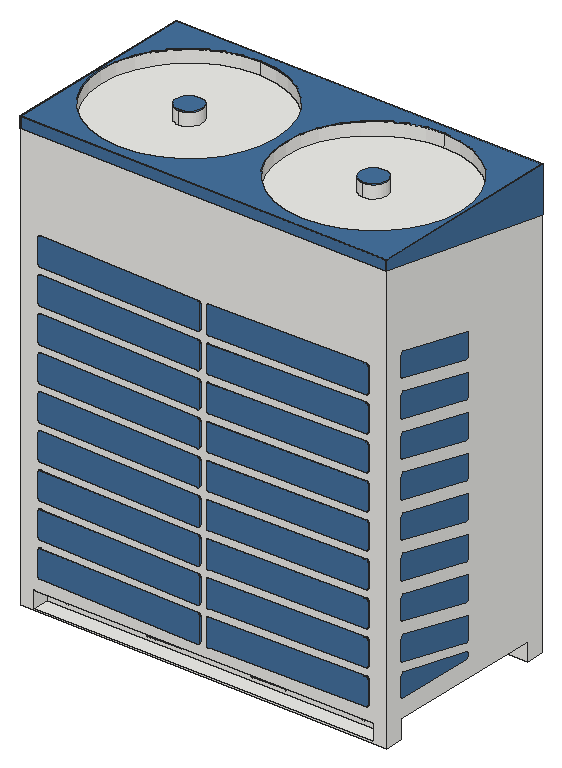
Revit family "bimlib_narujnyeblokisistemakondicionirovaniya_mrv-5-rc_16-22hp_haier", category Оборудование, Revit 2020 (continued)
Nested families
  nested 30: "BIMLIB_Параллелограмм_решётка_DB" at (704.944, -143.827, 697.9) x (0, 1, 0) z (1, 0, 0), type "BIMLIB_Параллелограмм_решётка_DB", detail levels fine
    with Превышение 64.948 mm, ADSK_Размер_Длина 322.347 mm, ADSK_Размер_Глубина 1.00 mm, ADSK_Размер_Высота 135.80 mm
  nested 31: "BIMLIB_Параллелограмм_решётка_DB" at (704.944, -143.827, 837.9) x (0, 1, 0) z (1, 0, 0), type "BIMLIB_Параллелограмм_решётка_DB", detail levels fine
    with Превышение 64.948 mm, ADSK_Размер_Длина 322.347 mm, ADSK_Размер_Глубина 1.00 mm, ADSK_Размер_Высота 135.80 mm
  nested 32: "BIMLIB_Параллелограмм_решётка_DB" at (704.944, -143.827, 977.9) x (0, 1, 0) z (1, 0, 0), type "BIMLIB_Параллелограмм_решётка_DB", detail levels fine
    with Превышение 64.948 mm, ADSK_Размер_Длина 322.347 mm, ADSK_Размер_Глубина 1.00 mm, ADSK_Размер_Высота 135.80 mm
  nested 33: "BIMLIB_Параллелограмм_решётка_DB" at (704.944, -143.827, 1117.9) x (0, 1, 0) z (1, 0, 0), type "BIMLIB_Параллелограмм_решётка_DB", detail levels fine
    with Превышение 64.948 mm, ADSK_Размер_Длина 322.347 mm, ADSK_Размер_Глубина 1.00 mm, ADSK_Размер_Высота 135.80 mm
  nested 34: "BIMLIB_Параллелограмм_решётка_DB" at (704.944, -143.827, 1257.9) x (0, 1, 0) z (1, 0, 0), type "BIMLIB_Параллелограмм_решётка_DB", detail levels fine
    with Превышение 64.948 mm, ADSK_Размер_Длина 322.347 mm, ADSK_Размер_Глубина 1.00 mm, ADSK_Размер_Высота 135.80 mm
  nested 35: "BIMLIB_Треугольник_решётка_DB" at (-392.933, 375, 175) x (1, 0, 0) z (0, 1, 0), type "BIMLIB_Треугольник_решётка_DB", detail levels fine
    with Превышение 30.00 mm, ADSK_Размер_Длина 400.00 mm, ADSK_Размер_Глубина 1.00 mm, ADSK_Размер_Высота 70.00 mm
  nested 36: "BIMLIB_Треугольник_решётка_DB" at (705, -149.86, 177.5) x (0, -1, 0) z (1, 0, 0), type "BIMLIB_Треугольник_решётка_DB", detail levels fine
    with Превышение 30.00 mm, ADSK_Размер_Длина 310.28 mm, ADSK_Размер_Глубина 1.00 mm, ADSK_Размер_Высота 75.00 mm
  nested 37: "BIMLIB_Параллелограмм_решётка_DB" at (324.463, -375, 165) x (-1, 0, 0) z (0, -1, 0), type "BIMLIB_Параллелограмм_решётка_DB", detail levels fine
    with Превышение 5.00 mm, ADSK_Размер_Длина 625.00 mm, ADSK_Размер_Глубина 1.00 mm, ADSK_Размер_Высота 90.00 mm
  nested 38: "BIMLIB_Параллелограмм_решётка_DB" at (324.463, -375, 300) x (-1, 0, 0) z (0, -1, 0), type "BIMLIB_Параллелограмм_решётка_DB", detail levels fine
    with Превышение 5.00 mm, ADSK_Размер_Длина 625.00 mm, ADSK_Размер_Глубина 1.00 mm, ADSK_Размер_Высота 90.00 mm
  nested 39: "BIMLIB_Параллелограмм_решётка_DB" at (324.463, -375, 435) x (-1, 0, 0) z (0, -1, 0), type "BIMLIB_Параллелограмм_решётка_DB", detail levels fine
    with Превышение 5.00 mm, ADSK_Размер_Длина 625.00 mm, ADSK_Размер_Глубина 1.00 mm, ADSK_Размер_Высота 90.00 mm
  nested 40: "BIMLIB_Параллелограмм_решётка_DB" at (324.463, -375, 570) x (-1, 0, 0) z (0, -1, 0), type "BIMLIB_Параллелограмм_решётка_DB", detail levels fine
    with Превышение 5.00 mm, ADSK_Размер_Длина 625.00 mm, ADSK_Размер_Глубина 1.00 mm, ADSK_Размер_Высота 90.00 mm
  nested 41: "BIMLIB_Параллелограмм_решётка_DB" at (324.463, -375, 705) x (-1, 0, 0) z (0, -1, 0), type "BIMLIB_Параллелограмм_решётка_DB", detail levels fine
    with Превышение 5.00 mm, ADSK_Размер_Длина 625.00 mm, ADSK_Размер_Глубина 1.00 mm, ADSK_Размер_Высота 90.00 mm
  nested 42: "BIMLIB_Параллелограмм_решётка_DB" at (324.463, -375, 840) x (-1, 0, 0) z (0, -1, 0), type "BIMLIB_Параллелограмм_решётка_DB", detail levels fine
    with Превышение 5.00 mm, ADSK_Размер_Длина 625.00 mm, ADSK_Размер_Глубина 1.00 mm, ADSK_Размер_Высота 90.00 mm
  nested 43: "BIMLIB_Параллелограмм_решётка_DB" at (324.463, -375, 975) x (-1, 0, 0) z (0, -1, 0), type "BIMLIB_Параллелограмм_решётка_DB", detail levels fine
    with Превышение 5.00 mm, ADSK_Размер_Длина 625.00 mm, ADSK_Размер_Глубина 1.00 mm, ADSK_Размер_Высота 90.00 mm
  nested 44: "BIMLIB_Параллелограмм_решётка_DB" at (324.463, -375, 1110) x (-1, 0, 0) z (0, -1, 0), type "BIMLIB_Параллелограмм_решётка_DB", detail levels fine
    with Превышение 5.00 mm, ADSK_Размер_Длина 625.00 mm, ADSK_Размер_Глубина 1.00 mm, ADSK_Размер_Высота 90.00 mm
  nested 45: "BIMLIB_Параллелограмм_решётка_DB" at (324.463, -375, 1245) x (-1, 0, 0) z (0, -1, 0), type "BIMLIB_Параллелограмм_решётка_DB", detail levels fine
    with Превышение 5.00 mm, ADSK_Размер_Длина 625.00 mm, ADSK_Размер_Глубина 1.00 mm, ADSK_Размер_Высота 90.00 mm
  nested 46: "BIMLIB_ЗонаОбслуживания_DB" at (0, 0, 0) x (-1, 0, 0) z (0, 0, 1), visible <- "Видимость_Зона обслуживания", type "BIMLIB_ЗонаОбслуживания_DB"
    with Зона обслуживания_Справа 300.00 mm, Зона обслуживания_Спереди 1000.00 mm, Зона обслуживания_Слева 300.00 mm, Зона обслуживания_Сзади 300.00 mm, Зона обслуживания_Сверху 2000.00 mm, ADSK_Размер_Ширина 1410.00 mm
  nested 47: "BIMLIB_АннотацияУГО_DB" at (0, 0, 0), type "BIMLIB_АннотацияУГО_DB"
  nested 48: "BIMLIB_Параллелограмм_решётка_DB" at (-324.463, -375, 165) x (1, 0, 0) z (0, -1, 0), type "BIMLIB_Параллелограмм_решётка_DB", detail levels fine
    with Превышение 5.00 mm, ADSK_Размер_Длина 625.00 mm, ADSK_Размер_Глубина 1.00 mm, ADSK_Размер_Высота 90.00 mm
  nested 49: "BIMLIB_Параллелограмм_решётка_DB" at (-324.463, -375, 300) x (1, 0, 0) z (0, -1, 0), type "BIMLIB_Параллелограмм_решётка_DB", detail levels fine
    with Превышение 5.00 mm, ADSK_Размер_Длина 625.00 mm, ADSK_Размер_Глубина 1.00 mm, ADSK_Размер_Высота 90.00 mm
  nested 50: "BIMLIB_Параллелограмм_решётка_DB" at (-324.463, -375, 435) x (1, 0, 0) z (0, -1, 0), type "BIMLIB_Параллелограмм_решётка_DB", detail levels fine
    with Превышение 5.00 mm, ADSK_Размер_Длина 625.00 mm, ADSK_Размер_Глубина 1.00 mm, ADSK_Размер_Высота 90.00 mm
  nested 51: "BIMLIB_Параллелограмм_решётка_DB" at (-324.463, -375, 570) x (1, 0, 0) z (0, -1, 0), type "BIMLIB_Параллелограмм_решётка_DB", detail levels fine
    with Превышение 5.00 mm, ADSK_Размер_Длина 625.00 mm, ADSK_Размер_Глубина 1.00 mm, ADSK_Размер_Высота 90.00 mm
  nested 52: "BIMLIB_Параллелограмм_решётка_DB" at (-324.463, -375, 705) x (1, 0, 0) z (0, -1, 0), type "BIMLIB_Параллелограмм_решётка_DB", detail levels fine
    with Превышение 5.00 mm, ADSK_Размер_Длина 625.00 mm, ADSK_Размер_Глубина 1.00 mm, ADSK_Размер_Высота 90.00 mm
  nested 53: "BIMLIB_Параллелограмм_решётка_DB" at (-324.463, -375, 840) x (1, 0, 0) z (0, -1, 0), type "BIMLIB_Параллелограмм_решётка_DB", detail levels fine
    with Превышение 5.00 mm, ADSK_Размер_Длина 625.00 mm, ADSK_Размер_Глубина 1.00 mm, ADSK_Размер_Высота 90.00 mm
  nested 54: "BIMLIB_Параллелограмм_решётка_DB" at (-324.463, -375, 975) x (1, 0, 0) z (0, -1, 0), type "BIMLIB_Параллелограмм_решётка_DB", detail levels fine
    with Превышение 5.00 mm, ADSK_Размер_Длина 625.00 mm, ADSK_Размер_Глубина 1.00 mm, ADSK_Размер_Высота 90.00 mm
  nested 55: "BIMLIB_Параллелограмм_решётка_DB" at (-324.463, -375, 1110) x (1, 0, 0) z (0, -1, 0), type "BIMLIB_Параллелограмм_решётка_DB", detail levels fine
    with Превышение 5.00 mm, ADSK_Размер_Длина 625.00 mm, ADSK_Размер_Глубина 1.00 mm, ADSK_Размер_Высота 90.00 mm
  nested 56: "BIMLIB_Параллелограмм_решётка_DB" at (-324.463, -375, 1245) x (1, 0, 0) z (0, -1, 0), type "BIMLIB_Параллелограмм_решётка_DB", detail levels fine
    with Превышение 5.00 mm, ADSK_Размер_Длина 625.00 mm, ADSK_Размер_Глубина 1.00 mm, ADSK_Размер_Высота 90.00 mm
Connectors
  hvac at (0, 0, 1689), driven by "ADSK_Размер_Глубина", driven by "ADSK_Размер_Ширина"
    settings: on cut or joined group of Extrusion 1, Extrusion 6, Extrusion 8, Extrusion 9, Extrusion 10, Extrusion 11, index 1, duct flow 0.0 m³/h, flow factor 0, pres drop 0.0 Pa, loss coef 0, conn angle 0.00°, conn width 1410 mm, conn height 750 mm, conn diameter 609.6 mm, duct sys type 3, conn prof type 1, flow config 0, flow direction 2, loss method 0, conn ref index -1, conn util no, is conn primary yes, conn desc "Отработанный воздух"
  electrical at (0, 0, 70), driven by "ADSK_Количество фаз", driven by "ADSK_Напряжение", driven by "ADSK_Коэффициент мощности", driven by "ADSK_Классификация нагрузок", driven by "ADSK_Полная мощность"
    settings: on cut or joined group of Extrusion 1, Extrusion 6, Extrusion 8, Extrusion 9, Extrusion 10, Extrusion 11, index 4, voltage 400 V, apparent load 19570 VA, apparent load phase1 0 VA, apparent load phase2 0 VA, apparent load phase3 0 VA, power factor 1, load classification "ОВК", number of poles 3, system type 30, power factor state 1, is connector primary yes, connector utility no, sub classification motor no, connector description "Электрический соеденитель"
  piping at (546.539, 376, 120), diameter 28.58, driven by "Диаметр_Газ", driven by "ADSK_Расход жидкости"
    settings: on Extrusion 12, index 5, connector inside diameter 609.6 mm, connector length 0.00 mm, flow factor 0, pipe flow 0.0 L/s, pressure drop 0.0 Pa, fitting loss kfactor 0, connector angle 0.00°, fixture units 0, engagement length 0.00 mm, angle of deflection 0.00°, flow configuration 0, flow direction 1, fitting loss method 0, system type 8, joint type 0, gender type 0, connector reference index 6, connector utility 0, adjustable connector no, is connector primary yes, connector description "Линия газа"
  piping at (496.539, 376, 120), diameter 15.88, driven by "Диаметр_Жидкость", driven by "ADSK_Расход жидкости"
    settings: on Extrusion 13, index 6, connector inside diameter 609.6 mm, connector length 0.00 mm, flow factor 0, pipe flow 0.0 L/s, pressure drop 0.0 Pa, fitting loss kfactor 0, connector angle 0.00°, fixture units 0, engagement length 0.00 mm, angle of deflection 0.00°, flow configuration 0, flow direction 2, fitting loss method 0, system type 7, joint type 0, gender type 0, connector reference index 5, connector utility 0, adjustable connector no, is connector primary no, connector description "Линия жидкости"
  piping at (446.539, 376, 120), diameter 25.4, driven by "Диаметр_Газовой линии нагнетания"
    settings: on Extrusion 14, index 7, connector inside diameter 609.6 mm, connector length 0.00 mm, flow factor 0, pipe flow 0.0 L/s, pressure drop 0.0 Pa, fitting loss kfactor 0, connector angle 0.00°, fixture units 0, engagement length 0.00 mm, angle of deflection 0.00°, flow configuration 0, flow direction 1, fitting loss method 0, system type 29, joint type 0, gender type 0, connector reference index -1, connector utility 0, adjustable connector no, is connector primary no, connector description "Линия нагнетания газа"
Definition of nested family "BIMLIB_Параллелограмм_решётка_DB"
  Parameters (values of type "BIMLIB_Параллелограмм_решётка_Haier")
    Превышение [instance] = 30.00 mm
    Default Elevation = 1219.20 mm
    Материал решёток = none
    ADSK_Размер_Длина [instance] = 460.00 mm
    ADSK_Размер_Глубина [instance] = 1.00 mm
    ADSK_Размер_Высота [instance] = 260.00 mm
  Reference planes
    plane 1 "По центру (Вперед/Назад)": y = 0
    plane 2: z = 0
    plane 3 "По центру (Влево/Вправо)": x = 0
    plane 4: x = -230
    plane 5: x = 230
    plane 6: y = 100
    plane 7: y = -100
    plane 8: y = 130
    plane 9: y = -130
  Forms (mm)
    Extrusion 1, solid, material <- "Материал решёток"
      sketch origin (0, 0, 0) x (1, 0, 0) y (0, 1, 0)
        loop
          arc (-230, -133.517) -> (-226.608, -141.022) -> (-218.734, -143.436) r 10
          line (-218.734, -143.436) -> (223.005, -108.536)
          arc (223.005, -108.536) -> (228.028, -105.518) -> (230, -100) r 8.705
          line (230, -100) -> (230, 133.517)
          arc (230, 133.517) -> (226.561, 141.064) -> (218.608, 143.419) r 10
          line (218.608, 143.419) -> (-223.005, 108.536)
          arc (-223.005, 108.536) -> (-228.028, 105.518) -> (-230, 100) r 8.705
          line (-230, 100) -> (-230, -133.517)
      from 0 to 1 <- "ADSK_Размер_Глубина"
  Lines and regions (mm)
    model lines, detail levels medium+fine
      curve 1: line (-230, 100, 0) -> (-230, -130, 0)
      curve 2: line (230, -100, 0) -> (230, 133.517, 0)
      curve 3: line (-223.005, 108.536, 0) -> (218.608, 143.419, 0)
      curve 4: arc (-230, 100, 0) -> (-228.028, 105.518, 0) -> (-223.005, 108.536, 0) r 8.705
      curve 5: arc (230, 133.517, 0) -> (226.561, 141.064, 0) -> (218.608, 143.419, 0) r 10
      curve 6: line (223.005, -108.536, 0) -> (-218.608, -143.419, 0)
      curve 7: arc (230, -100, 0) -> (228.028, -105.518, 0) -> (223.005, -108.536, 0) r 8.705
      curve 8: arc (-230, -133.517, 0) -> (-226.561, -141.064, 0) -> (-218.608, -143.419, 0) r 10
  Dimensions and locks
    "ADSK_Размер_Длина": plane 4 to plane 5
    equal spacing: plane 4, plane 3 "По центру (Влево/Вправо)", plane 5
    "ADSK_Размер_Высота": plane 8 to plane 9
    equal spacing: plane 8, plane 1 "По центру (Вперед/Назад)", plane 9
    equal spacing: plane 6, plane 1 "По центру (Вперед/Назад)", plane 7
    plane 6 to plane 7 = 200.00 mm
    "Превышение": plane 8 to plane 6
    aligned and locked: level to plane 2
    aligned and locked: plane 9 to curve 1
    aligned and locked: plane 7 to curve 2
    aligned and locked: plane 6 to curve 1
    aligned and locked: plane 5 to curve 2
    aligned and locked: Extrusion 1 to plane 4
  Automatic sketch dimensions
    curve 1 to plane 4 = 0.00 mm
    curve 8 to plane 4 = 0.00 mm
    plane 4 to curve 3 = 6.995 mm
    curve 4 to curve 4 = 8.705 mm
    curve 8 to plane 9 = 3.517 mm
    curve 8 to curve 8 = 10.00 mm
    curve 8 to curve 6 = 1.392 mm
    curve 3 to plane 5 = 11.392 mm
    plane 8 to curve 5 = 3.517 mm
    curve 5 to plane 5 = 10.00 mm
    curve 7 to plane 5 = 8.705 mm
    curve 6 to plane 5 = 6.995 mm
    Extrusion 1 sketch curve to plane 4 = 0.00 mm
    Extrusion 1 sketch curve to plane 6 = 0.00 mm
    Extrusion 1 sketch curve to plane 7 = 0.00 mm
    Extrusion 1 sketch curve to plane 5 = 0.00 mm
    Extrusion 1 sketch curve to Extrusion 1 sketch curve = 8.705 mm
    Extrusion 1 sketch curve to plane 9 = 3.517 mm
    Extrusion 1 sketch curve to Extrusion 1 sketch curve = 10.00 mm
    Extrusion 1 sketch curve to Extrusion 1 sketch curve = 1.266 mm
    Extrusion 1 sketch curve to plane 5 = 11.392 mm
    plane 8 to Extrusion 1 sketch curve = 3.517 mm
    Extrusion 1 sketch curve to plane 5 = 10.00 mm
    Extrusion 1 sketch curve to plane 5 = 8.705 mm
    Extrusion 1 sketch curve to plane 5 = 6.995 mm
    plane 4 to Extrusion 1 sketch curve = 6.995 mm
Definition of nested family "BIMLIB_Треугольник_решётка_DB"
  Parameters (values of type "BIMLIB_Треугольник_решётка_Haier")
    Превышение [instance] = 30.00 mm
    Default Elevation = 1219.20 mm
    Материал решёток = none
    ADSK_Размер_Длина [instance] = 460.00 mm
    ADSK_Размер_Глубина [instance] = 1.00 mm
    ADSK_Размер_Высота [instance] = 260.00 mm
  Reference planes
    plane 1 "По центру (Вперед/Назад)": y = 0
    plane 2: z = 0
    plane 3 "По центру (Влево/Вправо)": x = 0
    plane 4: x = -230
    plane 5: x = 230
    plane 6: y = -130
    plane 7: y = 130
  Forms (mm)
    Extrusion 1, solid, material <- "Материал решёток"
      sketch origin (0, 0, 0) x (1, 0, 0) y (0, 1, 0)
        loop
          line (218.608, 143.419) -> (-234.07, -106.222)
          arc (-234.07, -106.222) -> (-242.062, -119.827) -> (-230, -130) r 12.237
          line (-230, -130) -> (220, -130)
          arc (220, -130) -> (227.071, -127.071) -> (230, -120) r 10
          line (230, -120) -> (230, 133.517)
          arc (230, 133.517) -> (226.561, 141.064) -> (218.608, 143.419) r 10
      from 0 to 1 <- "ADSK_Размер_Глубина"
  Lines and regions (mm)
    model lines, detail levels medium+fine
      curve 1: line (230, -120, 0) -> (230, 133.517, 0)
      curve 2: line (-235.921, -107.053, 0) -> (218.608, 143.419, 0)
      curve 3: arc (230, 133.517, 0) -> (226.561, 141.064, 0) -> (218.608, 143.419, 0) r 10
      curve 4: line (226.102, -130, 0) -> (-230, -130, 0)
    model lines
      curve 5: arc (220, -130, 0) -> (227.071, -127.071, 0) -> (230, -120, 0) r 10
      curve 6: arc (-235.921, -107.053, 0) -> (-241.849, -120.82, 0) -> (-230, -130, 0) r 12.237
  Dimensions and locks
    "ADSK_Размер_Длина": plane 4 to plane 5
    equal spacing: plane 4, plane 3 "По центру (Влево/Вправо)", plane 5
    "ADSK_Размер_Высота": plane 7 to plane 6
    equal spacing: plane 7, plane 1 "По центру (Вперед/Назад)", plane 6
    aligned and locked: level to plane 2
    aligned and locked: plane 5 to curve 1
    aligned and locked: Extrusion 1 sketch curve to plane 6
    aligned and locked: plane 4 to Extrusion 1 sketch curve
    aligned and locked: plane 6 to curve 4
    aligned and locked: plane 4 to curve 4
  Automatic sketch dimensions
    Extrusion 1 sketch curve to plane 5 = 0.00 mm
    Extrusion 1 sketch curve to plane 5 = 11.392 mm
    Extrusion 1 sketch curve to plane 5 = 10.00 mm  (x2)
    plane 7 to Extrusion 1 sketch curve = 3.517 mm
    Extrusion 1 sketch curve to Extrusion 1 sketch curve = 12.237 mm
    Extrusion 1 sketch curve to plane 4 = 4.07 mm
    curve 2 to plane 4 = 5.921 mm
    curve 2 to plane 5 = 11.392 mm
    curve 5 to plane 5 = 10.00 mm
    plane 7 to curve 3 = 3.517 mm
    curve 3 to plane 5 = 10.00 mm
    curve 6 to curve 6 = 12.237 mm
    curve 4 to plane 5 = 3.898 mm
Definition of nested family "BIMLIB_ЗонаОбслуживания_DB"
  Parameters (values of type "BIMLIB_ЗонаОбслуживания_Haier")
    Default Elevation = 0.00 mm
    Зона обслуживания_Справа [instance] = 653.266 mm
    Зона обслуживания_Спереди [instance] = 481.574 mm
    Зона обслуживания_Слева [instance] = 454.692 mm
    Зона обслуживания_Сзади [instance] = 622.113 mm
    Зона обслуживания_Сверху [instance] = 760.748 mm
    ADSK_Размер_Ширина = 980.00 mm
    ADSK_Размер_Глубина = 750.00 mm
    ADSK_Размер_Высота = 1690.00 mm
  Reference planes
    plane 1 "По центру (Вперед/Назад)": y = 0
    plane 2: z = 0
    plane 3 "По центру (Влево/Вправо)": x = 0
    plane 4: y = 375
    plane 5: y = -375
    plane 6: x = 490
    plane 7: x = -490
    plane 8: x = -944.692
    plane 9: y = 997.113
    plane 10: x = 1143.266
    plane 11: y = -856.574
    plane 12: z = 1690
    plane 13: z = 2450.748
  Forms (mm)
    Extrusion 1, solid
      sketch origin (0, 0, 0) x (1, 0, 0) y (0, 1, 0)
        loop
          line (-490, 375) -> (-944.692, 375) -> (-944.692, -375) -> (-490, -375) -> (-490, 375)
      from 0 to 1690
    Extrusion 2, solid
      sketch origin (0, 0, 0) x (1, 0, 0) y (0, 1, 0)
        loop
          line (-490, -375) -> (-490, -856.574) -> (490, -856.574) -> (490, -375) -> (-490, -375)
      from 0 to 1690
    Extrusion 3, solid
      sketch origin (0, 0, 0) x (1, 0, 0) y (0, 1, 0)
        loop
          line (490, 375) -> (490, -375) -> (1143.266, -375) -> (1143.266, 375) -> (490, 375)
      from 0 to 1690
    Extrusion 4, solid
      sketch origin (0, 0, 0) x (1, 0, 0) y (0, 1, 0)
        loop
          line (-490, 997.113) -> (-490, 375) -> (490, 375) -> (490, 997.113) -> (-490, 997.113)
      from 0 to 1690
    Extrusion 5, solid
      sketch origin (0, 0, 0) x (1, 0, 0) y (0, 0, 1)
        loop
          line (-490, 2450.748) -> (-490, 1690) -> (490, 1690) -> (490, 2450.748) -> (-490, 2450.748)
      from -375 to 375
  Dimensions and locks
    "ADSK_Размер_Ширина": plane 7 to plane 6
    equal spacing: plane 7, plane 3 "По центру (Влево/Вправо)", plane 6
    equal spacing: plane 4, plane 1 "По центру (Вперед/Назад)", plane 5
    "ADSK_Размер_Глубина": plane 4 to plane 5
    "Зона обслуживания_Слева": plane 8 to plane 7
    "Зона обслуживания_Справа": plane 6 to plane 10
    "Зона обслуживания_Сзади": plane 9 to plane 4
    "Зона обслуживания_Спереди": plane 5 to plane 11
    "ADSK_Размер_Высота": plane 12 to plane 2
    "Зона обслуживания_Сверху": plane 13 to plane 12
    aligned and locked: level to plane 2
    aligned and locked: plane 7 to Extrusion 1
    aligned and locked: plane 4 to Extrusion 1
    aligned and locked: Extrusion 1 to plane 5
    aligned and locked: Extrusion 1 to plane 8
    aligned and locked: Extrusion 3 to plane 5
    aligned and locked: Extrusion 3 to plane 6
    aligned and locked: plane 10 to Extrusion 3
    aligned and locked: Extrusion 2 to plane 6
    aligned and locked: plane 5 to Extrusion 2
    aligned and locked: Extrusion 2 to plane 7
    aligned and locked: Extrusion 2 to plane 11
    aligned and locked: Extrusion 4 to plane 4
    aligned and locked: Extrusion 4 to plane 7
    aligned and locked: plane 6 to Extrusion 4
    aligned and locked: plane 9 to Extrusion 4
    aligned and locked: Extrusion 3 to plane 4
    aligned and locked: plane 12 to Extrusion 1
    aligned and locked: plane 12 to Extrusion 2
    aligned and locked: plane 12 to Extrusion 3
    aligned and locked: plane 12 to Extrusion 4
    aligned and locked: plane 13 to Extrusion 5
    aligned and locked: Extrusion 5 to plane 7
    aligned and locked: Extrusion 5 to plane 12
    aligned and locked: plane 6 to Extrusion 5
    aligned and locked: plane 4 to Extrusion 5
    aligned and locked: Extrusion 5 to plane 5
  Automatic sketch dimensions
    Extrusion 1 sketch curve to plane 4 = 0.00 mm
    plane 5 to Extrusion 1 sketch curve = 0.00 mm
    Extrusion 1 sketch curve to plane 7 = 454.692 mm
    Extrusion 1 sketch curve to plane 7 = 0.00 mm
    plane 8 to Extrusion 2 sketch curve = 454.692 mm
    plane 6 to Extrusion 2 sketch curve = 0.00 mm
    plane 11 to Extrusion 2 sketch curve = 0.00 mm
    Extrusion 2 sketch curve to plane 5 = 0.00 mm
    plane 5 to Extrusion 3 sketch curve = 0.00 mm
    plane 6 to Extrusion 3 sketch curve = 0.00 mm
    Extrusion 3 sketch curve to plane 10 = 0.00 mm
    plane 4 to Extrusion 3 sketch curve = 0.00 mm
    plane 8 to Extrusion 4 sketch curve = 454.692 mm
    Extrusion 4 sketch curve to plane 10 = 653.266 mm
    Extrusion 4 sketch curve to plane 9 = 622.113 mm
    Extrusion 4 sketch curve to plane 9 = 0.00 mm
    plane 7 to Extrusion 5 sketch curve = 0.00 mm
    Extrusion 5 sketch curve to plane 6 = 0.00 mm
    plane 12 to Extrusion 5 sketch curve = 0.00 mm
    Extrusion 5 sketch curve to plane 13 = 0.00 mm
Definition of nested family "BIMLIB_АннотацияУГО_DB"
  Reference planes
    plane 1: y = 0
    plane 2: x = 0
  Text (mm)
    text "SA" at (0.22, 2.356, 0)
Types (4, lengths in mm): name | Охлаждение_Номинальный ток | Охлаждение_Номинальная потребляемая мощность | Охлаждение_Максимальный ток | Охлаждение_Максимальная потребляемая мощность | Обогрев_Номинальный ток | Обогрев_Максимальный ток | Обогрев_Номинальная потребляемая мощность | Обогрев_Максимальная потребляемая мощность | Холодопроизводительность | Теплопроизводительность | Звуковое давление | Звуковая мощность | Диаметр_Жидкость | ADSK_Расход воздуха | ADSK_Полная мощность | ADSK_Номинальная мощность | ADSK_Наименование краткое | ADSK_Наименование | ADSK_Масса | ADSK_Код изделия | ADSK_URL документации изделия
  AV18IMVURA_18HP_HAIER | 24.36 A | 14.75 kW | 47.07 A | 28.5 kW | 23.53 A | 42.11 A | 14.25 kW | 25.5 kW | 50 kW | 56 kW | "63" | "84" | 15.88 | 17000.0 m³/h | 14750 VA | 14750 W | "VRF-системы MRV 5-RC, 18HP" | "Наружный блок VRF-системы кондиционирования MRV 5-RC, 18HP" | 366 | "AV18IMVURA" | "https://haierproff.ru/material/cond/tech/products/multizonalnie_sistemy_vrf/mrv_V/"
  AV20IMVURA_20HP_HAIER | 27.94 A | 16.92 kW | 52.85 A | 32 kW | 27.02 A | 48.55 A | 16.36 kW | 29.4 kW | 56 kW | 63 kW | "63" | "84" | 15.88 | 19000.0 m³/h | 16920 VA | 16920 W | "VRF-системы MRV 5-RC, 20HP" | "Наружный блок VRF-системы кондиционирования MRV 5-RC, 20HP" | 375 | "AV20IMVURA" | "https://haierproff.ru/material/cond/tech/products/multizonalnie_sistemy_vrf/mrv_V"
  AV22IMVURA_22HP_HAIER | 32.31 A | 19.57 kW | 54.5 A | 33 kW | 30.88 A | 50.21 A | 18.7 kW | 30.4 kW | 63 kW | 69 kW | "64" | "85" | 15.88 | 19000.0 m³/h | 19570 VA | 19570 W | "VRF-системы MRV 5-RC, 22HP" | "Наружный блок VRF-системы кондиционирования MRV 5-RC, 22HP" | 375 | "AV22IMVURA" | "https://haierproff.ru/material/cond/tech/products/multizonalnie_sistemy_vrf/mrv_V"
  AV16IMVURA_16HP_HAIER | 20.93 A | 12.68 kW | 41.45 A | 25.1 kW | 19.85 A | 37.49 A | 12.02 kW | 22.7 kW | 45 kW | 60 kW | "62" | "83" | 12.70 | 17000.0 m³/h | 12680 VA | 12680 W | "VRF-системы MRV 5-RC, 16HP" | "Наружный блок VRF-системы кондиционирования MRV 5-RC, 16HP" | 366 | "AV16IMVURA" | "https://haierproff.ru/material/cond/tech/products/multizonalnie_sistemy_vrf/mrv_V"
